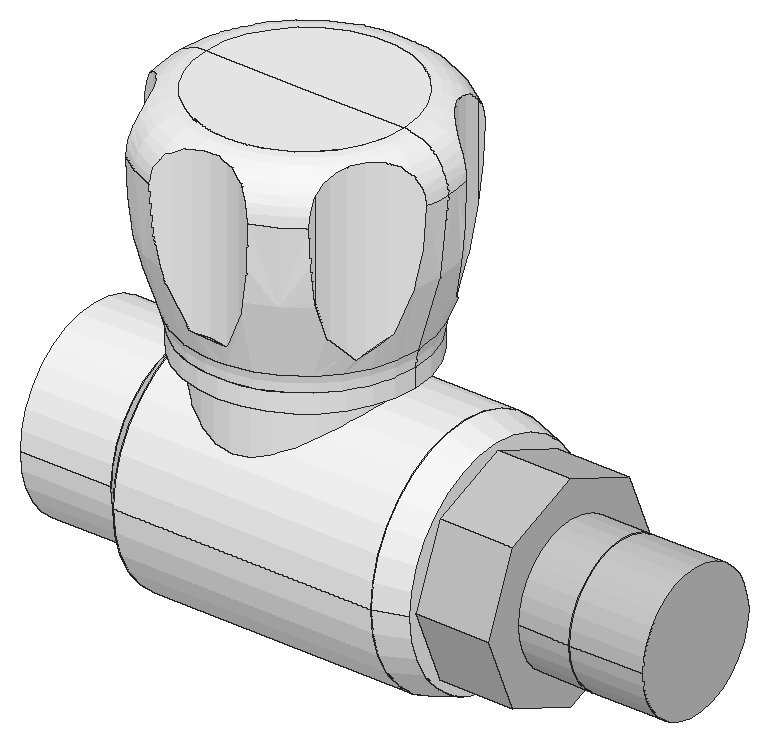
Revit family "PA_Арматура трубопроводов [кран шаровой полипропиленовый со сгоном прямой VTp.717.0]1 - VALTEC", category Арматура трубопроводов, Revit 2019
Family settings
  Размер круглого соединителя = Использовать диаметр
  Тип детали = Клапан - Вставляется
  На основе рабочей плоскости = Нет
  Всегда вертикально = Да
  При загрузке вырезать с полостями = Нет
  Общий = Нет
Parameters (values of type "VTp.717.0")
  Таблица = "PA_Арматура трубопроводов [кран шаровой полипропиленовый со сгоном прямой VTp.717.0] - VALTEC"  # constant formula
  Пользовательский [instance] = no
  Manufacturer = ""
  d_2 [instance] = size_lookup(Таблица, "d_2", 0 mm, d_1)  # 15 mm
  d5 [instance] = size_lookup(Таблица, "d5", 0 mm, d_1, d_2)  # 29 mm
  d4 [instance] = size_lookup(Таблица, "d4", 0 mm, d_1, d_2)  # 20.7 mm
  d3 [instance] = size_lookup(Таблица, "d3", 0 mm, d_1, d_2)  # 34 mm
  d2 [instance] = size_lookup(Таблица, "d2", 0 mm, d_1, d_2)  # 37 mm
  d1 [instance] = size_lookup(Таблица, "d1", 0 mm, d_1, d_2)  # 29 mm
  d_1 [instance] = 20 mm
  b1 [instance] = 50 mm  # constant formula
  B [instance] = size_lookup(Таблица, "B", 0 mm, d_1, d_2)  # 55.98 mm
  a8 [instance] = size_lookup(Таблица, "a6", 0 mm, d_1, d_2)  # 11.5 mm
  a7 [instance] = size_lookup(Таблица, "a5", 0 mm, d_1, d_2)  # 8 mm
  a6 [instance] = size_lookup(Таблица, "a4", 0 mm, d_1, d_2)  # 11.5 mm
  a5 [instance] = size_lookup(Таблица, "a3", 0 mm, d_1, d_2)  # 5 mm
  a2 [instance] = size_lookup(Таблица, "a2", 0 mm, d_1, d_2)  # 3.48 mm
  a1 [instance] = size_lookup(Таблица, "a1", 0 mm, d_1, d_2)  # 14.17 mm
  URL = "https://valtec.ru/"
  S [instance] = size_lookup(Таблица, "S", 0 mm, d_1, d_2)  # 29.5 mm
  C [instance] = size_lookup(Таблица, "C", 0 mm, d_1, d_2)  # 33 mm
  ADSK_Расход жидкости [instance] = 0.0 L/s
  ADSK_Примечание [instance] = ""
  ADSK_Потеря давления жидкости [instance] = 0.0 Pa
  ADSK_Позиция [instance] = ""
  ADSK_Обозначение [instance] = "VTp.717.0"  # constant formula
  ADSK_Наименование [instance] = size_lookup(Таблица, "", "Данный типоразмер отсутствует", d_1, d_2)  # "Кран шаровой полипропиленовый со сгоном прямой, Ду15"
  Материал доп.1 = Белый - VALTEC
  ADSK_Материал = Сталь, нержавеющая - VALTEC
  ADSK_Масса [instance] = size_lookup(Таблица, "Масса", 0, d_1, d_2)  # 0.21
  ADSK_Марка [instance] = size_lookup(Таблица, "Маркировка", "Данный типоразмер отсутствует", d_1, d_2)  # "VTp.717.0"
  ADSK_Код изделия [instance] = size_lookup(Таблица, "Код продукта", "Данный типоразмер отсутствует", d_1, d_2)  # "VTp.717.0.02004"
  ADSK_Завод-изготовитель [instance] = "VALTEC"  # constant formula
  ADSK_Единица измерения [instance] = "шт."  # constant formula
  ADSK_URL страницы изделия = "https://valtec.ru/catalog/sistemy_polipropilenovyh_truboprovodov/armatura_dlya_polipropilenovyh_truboprovodov/kran_sharovoj_polipropilenovyj_pryamoj_vtp7170.html"
  ADSK_URL документации изделия = "https://valtec.ru/document/technical/VTp.717-VTp.718-7-566.pdf"
  A [instance] = size_lookup(Таблица, "A", 0 mm, d_1, d_2)  # 61 mm
Reference planes
  plane 1 "По центру (Вперед/Назад)": y = 0
  plane 2: z = 0
  plane 3 "По центру (Влево/Вправо)": x = 0
  plane 4: x = 25
  plane 5: x = -15.35
  plane 6: x = -18.83
  plane 7: x = -33
  plane 8: x = 30
  plane 9: x = 41.5
  plane 10: x = 61
  plane 11: x = 49.5
  plane 12: z = 55.98
  plane 13: z = 50.98
  plane 14: y = 25
  plane 15: y = -25
  plane 16: z = 25
  plane 17: z = -25
Forms (mm)
  Extrusion 1, solid, material "Белый - VALTEC" <- "Материал доп.1", detail levels medium+fine
    sketch origin (0, 0, 0) x (0, 1, 0) y (0, 0, 1)
      loop
        circle (0, 0) r 14.5
    from -33 to -18.83
  Blend 2, solid, material "Белый - VALTEC" <- "Материал доп.1", detail levels medium+fine
    base sketch origin (0, 0, 0) x (0, 1, 0) y (0, 0, 1)
      loop
        circle (0, 0) r 14.5
    top sketch origin (0, 0, 0) x (0, 1, 0) y (0, 0, 1)
      loop
        circle (0, 0) r 18.5
    from -18.83 to -15.35
  Extrusion 3, solid, material "Белый - VALTEC" <- "Материал доп.1", detail levels medium+fine
    sketch origin (0, 0, 0) x (0, 1, 0) y (0, 0, 1)
      loop
        circle (0, 0) r 18.5
    from -15.35 to 25
  Blend 4, solid, material "Белый - VALTEC" <- "Материал доп.1", detail levels medium+fine
    base sketch origin (0, 0, 0) x (0, 1, 0) y (0, 0, 1)
      loop
        circle (0, 0) r 18.5
    top sketch origin (0, 0, 0) x (0, 1, 0) y (0, 0, 1)
      loop
        circle (0, 0) r 17
    from 25 to 30
  Extrusion 5, solid, material "Сталь, нержавеющая - VALTEC" <- "ADSK_Материал", detail levels medium+fine
    sketch origin (0, 0, 0) x (0, 1, 0) y (0, 0, 1)
      loop
        circle (0, 0) r 10.35
    from 41.5 to 49.5
  Extrusion 6, solid, material "Сталь, нержавеющая - VALTEC" <- "ADSK_Материал", detail levels medium+fine
    sketch origin (0, 0, 0) x (0, 1, 0) y (0, 0, 1)
      loop
        circle (0, 0) r 10.35
    from 49.5 to 61
  Extrusion 7, solid, material "Белый - VALTEC" <- "Материал доп.1", detail levels medium+fine
    sketch origin (0, 0, 0) x (1, 0, 0) y (0, 1, 0)
      loop
        circle (0, 0) r 14.5
    from 0 to 50.98
Lines and regions (mm)
  model lines, detail levels coarse
    curve 1: line (-33, 25, 0) -> (-33, -25, 0)
    curve 2: line (-33, -25, 0) -> (49.5, 25, 0)
    curve 3: line (49.5, 25, 0) -> (49.5, -25, 0)
    curve 4: line (49.5, -25, 0) -> (-33, 25, 0)
  symbolic lines, style "PipeAccessory", detail levels coarse
    curve 5: line (-33, 0, -25) -> (-33, 0, 25)
    curve 6: line (-33, 0, 25) -> (49.5, 0, -25)
    curve 7: line (49.5, 0, -25) -> (49.5, 0, 25)
    curve 8: line (49.5, 0, 25) -> (-33, 0, -25)
Dimensions and locks
  "a1": plane 6 to plane 7
  "a2": plane 5 to plane 6
  "a5": plane 8 to plane 4
  "a6": plane 9 to plane 8
  "a7": plane 11 to plane 9
  "a8": plane 10 to plane 11
  "B": plane 12 to plane 2
  "A": plane 10 to plane 3 "По центру (Влево/Вправо)"
  "C": plane 3 "По центру (Влево/Вправо)" to plane 7
  locked: plane 12 to plane 13 at 5
  equal spacing: plane 14, plane 1 "По центру (Вперед/Назад)", plane 15
  "b1": plane 14 to plane 15
  equal spacing: plane 16, plane 2, plane 17
  "b1": plane 16 to plane 17
  "d1": diameter of Extrusion 1 sketch curve
  "d2": diameter of Blend 2 sketch curve
  "d1": diameter of Blend 2 sketch curve
  "d2": diameter of Extrusion 3 sketch curve
  "d2": diameter of Blend 4 sketch curve
  "d3": diameter of Blend 4 sketch curve
  "d4": diameter of Extrusion 5 sketch curve
  "d4": diameter of Extrusion 6 sketch curve
  "d5": diameter of Extrusion 7 sketch curve
  aligned and locked: level to plane 2
  aligned and locked: Extrusion 1 to plane 7
  aligned and locked: plane 6 to Extrusion 1
  aligned and locked: Blend 2 to plane 6
  aligned and locked: plane 5 to Blend 2
  aligned and locked: Extrusion 3 to plane 5
  aligned and locked: plane 4 to Extrusion 3
  aligned and locked: plane 8 to Blend 4
  aligned and locked: Blend 4 to plane 4
  aligned and locked: Extrusion 5 to plane 9
  aligned and locked: plane 11 to Extrusion 5
  aligned and locked: Extrusion 6 to Extrusion 5
  aligned and locked: plane 10 to Extrusion 6
  aligned and locked: plane 3 "По центру (Влево/Вправо)" to nested 1
  aligned and locked: plane 1 "По центру (Вперед/Назад)" to nested 1
  aligned and locked: Extrusion 7 to level
  aligned and locked: nested 2 to plane 8
  aligned and locked: plane 1 "По центру (Вперед/Назад)" to nested 2
  aligned and locked: nested 2 to plane 2
  aligned and locked: plane 13 to Extrusion 7
  aligned and locked: plane 12 to nested 1
Automatic sketch dimensions
  Extrusion 1 sketch curve to level = 0 mm
  Extrusion 1 sketch curve to plane 1 "По центру (Вперед/Назад)" = 0 mm
  Blend 2 sketch curve to level = 0 mm  (x2)
  Blend 2 sketch curve to plane 1 "По центру (Вперед/Назад)" = 0 mm  (x2)
  Extrusion 3 sketch curve to level = 0 mm
  Extrusion 3 sketch curve to plane 1 "По центру (Вперед/Назад)" = 0 mm
  Blend 4 sketch curve to level = 0 mm  (x2)
  Blend 4 sketch curve to plane 1 "По центру (Вперед/Назад)" = 0 mm  (x2)
  Extrusion 5 sketch curve to level = 0 mm
  Extrusion 5 sketch curve to plane 1 "По центру (Вперед/Назад)" = 0 mm
  Extrusion 6 sketch curve to level = 0 mm
  Extrusion 6 sketch curve to plane 1 "По центру (Вперед/Назад)" = 0 mm
  plane 1 "По центру (Вперед/Назад)" to Extrusion 7 sketch curve = 0 mm
  Extrusion 7 sketch curve to plane 3 "По центру (Влево/Вправо)" = 0 mm
  curve 1 to plane 7 = 0 mm
  curve 3 to plane 11 = 0 mm
  curve 1 to plane 15 = 0 mm
  curve 3 to plane 15 = 0 mm
  curve 3 to plane 14 = 0 mm
  curve 4 to plane 14 = 0 mm
  curve 5 to plane 7 = 0 mm
  curve 8 to plane 11 = 0 mm
  curve 5 to plane 16 = 0 mm
  curve 7 to plane 17 = 0 mm
  curve 8 to plane 17 = 0 mm
  curve 8 to plane 16 = 0 mm
Nested families
  nested 1: "Ручка VALTEC" at (0, 0, 20.2), d <- "d_2", type "Ручка", detail levels medium+fine
    with d2 26.61 mm, d1 63.64 mm, d 15 mm, b4 35.78 mm, b3 28.89 mm, b2 5.53 mm, b1 2.9 mm, a4 31 mm, a3 44.78 mm, a2 35.49 mm, a1 34.44 mm
  nested 2: "Гайка - горизонталь" at (35.75, 0, 0), l <- "a6", d <- "S", type "Гайка - горизонталь", detail levels medium+fine
    with l2 9.2 mm, l 11.5 mm, d2 23.6 mm, d 29.5 mm, ADSK_Материал Сталь, нержавеющая - VALTEC
Connectors
  piping at (-33, 0, 0), diameter 20, driven by "ADSK_Расход жидкости", driven by "ADSK_Потеря давления жидкости", driven by "d_1"
    settings: on Extrusion 1, index 1, connector inside diameter 609.6 mm, connector length 0 mm, flow factor 0, pipe flow 0.0 L/s, pressure drop 0.0 Pa, fitting loss kfactor 0, connector angle 0.00°, fixture units 0, engagement length 0 mm, angle of deflection 0.00°, flow configuration 0, flow direction 0, fitting loss method 4, system type 29, joint type 0, gender type 0, connector reference index 2, connector utility 0, adjustable connector no, is connector primary yes, connector description ""
  piping at (49.5, 0, 0), diameter 15, driven by "d_2", driven by "ADSK_Расход жидкости"
    settings: on Extrusion 5, index 2, connector inside diameter 609.6 mm, connector length 0 mm, flow factor 0, pipe flow 0.0 L/s, pressure drop 0.0 Pa, fitting loss kfactor 0, connector angle 0.00°, fixture units 0, engagement length 0 mm, angle of deflection 0.00°, flow configuration 0, flow direction 0, fitting loss method 0, system type 29, joint type 0, gender type 0, connector reference index 1, connector utility 0, adjustable connector no, is connector primary no, connector description ""
Definition of nested family "Ручка VALTEC"
  Parameters (values of type "Ручка")
    материал 1 = none
    Таблица = "Ручка VALTEC"  # constant formula
    Manufacturer = "VALTEC"  # constant formula
    d1 [instance] = size_lookup("Ручка VALTEC", "d1", 0 mm, d)  # 73.9 mm
    d2 [instance] = size_lookup("Ручка VALTEC", "d2", 0 mm, d)  # 30.9 mm
    d [instance] = 20 mm
    b4 [instance] = size_lookup("Ручка VALTEC", "b4", 0 mm, d)  # 41.55 mm
    b1 [instance] = size_lookup("Ручка VALTEC", "b1", 0 mm, d)  # 3.37 mm
    b3 [instance] = size_lookup("Ручка VALTEC", "b3", 0 mm, d)  # 33.55 mm
    b2 [instance] = size_lookup("Ручка VALTEC", "b2", 0 mm, d)  # 6.43 mm
    a4 [instance] = size_lookup("Ручка VALTEC", "a4", 0 mm, d)  # 36 mm
    a3 [instance] = size_lookup("Ручка VALTEC", "a3", 0 mm, d)  # 52 mm
    a2 [instance] = size_lookup("Ручка VALTEC", "a2", 0 mm, d)  # 41.22 mm
    a1 [instance] = size_lookup("Ручка VALTEC", "a1", 0 mm, d)  # 40 mm
    URL = "https://valtec.ru/"
    ADSK_URL страницы изделия = ""
    ADSK_URL документации изделия = ""
  Reference planes
    plane 1 "По центру (Вперед/Назад)": y = 0
    plane 2: z = 0
    plane 3 "По центру (Влево/Вправо)": x = 0
    plane 4: z = 41.55
    plane 5: x = -26
    plane 6: z = 33.55
    plane 7: z = 6.43
    plane 8: z = 3.37
    plane 9: x = -20.61
    plane 10: x = -20
    plane 11: x = -18
    plane 12: through (0, 0, 1200) normal (-0.5, 0.866, 0)
    plane 13: through (0, 0, 1200) normal (-0.5, -0.866, 0)
    plane 14: through (0, 0, 1200) normal (-0.866, -0.5, 0)
    plane 15: through (0, 0, 1200) normal (-0.866, 0.5, 0)
    plane 16: x = 20
    plane 17: x = 20.61
    plane 18: x = 18
    plane 19: x = 26
  Forms (mm)
    Revolve 1, solid, material <- "материал 1"
      sketch origin (0, 0, 0) x (1, 0, 0) y (0, 0, 1)
        loop
          line (0, 41.55) -> (-18, 41.55)
          arc (-18, 41.55) -> (-23.657, 39.207) -> (-26, 33.55) r 8
          arc (-26, 33.55) -> (-24.639, 19.725) -> (-20.61, 6.43) r 70.923
          arc (-20.61, 6.43) -> (-20.154, 4.93) -> (-20, 3.37) r 7.98
          line (-20, 3.37) -> (-20, 0) -> (0, 0) -> (0, 41.55)
        axis (0, 41.55) -> (0, 0)
      angle from 0 to 360
    Extrusion 2, void
      sketch origin (0, 0, 0) x (1, 0, 0) y (0, 1, 0)
        loop
          circle (0, 36.95) r 15.45
        loop
          circle (32, 18.475) r 15.45
        loop
          circle (32, -18.475) r 15.45
        loop
          circle (0, -36.95) r 15.45
        loop
          circle (-32, -18.475) r 15.45
        loop
          circle (-32, 18.475) r 15.45
      from 0 to 41.55 <- "b4"
  Cuts and joins
    Extrusion 2 cuts Revolve 1
  Dimensions and locks
    "b4": plane 4 to plane 2
    "b3": plane 6 to plane 2
    "b2": plane 7 to plane 2
    "b1": plane 8 to plane 2
    equal spacing: Extrusion 2 sketch curve, plane 1 "По центру (Вперед/Назад)", Extrusion 2 sketch curve
    equal spacing: Extrusion 2 sketch curve, plane 14, Extrusion 2 sketch curve
    equal spacing: Extrusion 2 sketch curve, plane 15, Extrusion 2 sketch curve
    "d1": Extrusion 2 sketch curve to Extrusion 2 sketch curve  (x3)
    equal spacing: plane 16, plane 3 "По центру (Влево/Вправо)", plane 10
    equal spacing: plane 17, plane 3 "По центру (Влево/Вправо)", plane 9
    equal spacing: plane 19, plane 3 "По центру (Влево/Вправо)", plane 5
    equal spacing: plane 18, plane 3 "По центру (Влево/Вправо)", plane 11
    "a1": plane 16 to plane 10
    "a2": plane 17 to plane 9
    "a4": plane 18 to plane 11
    "a3": plane 19 to plane 5
    "d2": diameter of Extrusion 2 sketch curve  (x6)
    aligned and locked: level to plane 2
    aligned and locked: plane 13 to Extrusion 2 sketch curve  (x2)
    aligned and locked: plane 3 "По центру (Влево/Вправо)" to Extrusion 2 sketch curve  (x2)
    aligned and locked: plane 12 to Extrusion 2 sketch curve  (x2)
  Automatic sketch dimensions
    Revolve 1 sketch curve to plane 8 = 0 mm
    Revolve 1 sketch curve to plane 5 = 0 mm  (x2)
    Revolve 1 sketch curve to plane 7 = 0 mm
    Revolve 1 sketch curve to plane 9 = 0 mm
    Revolve 1 sketch curve to level = 0 mm
    Revolve 1 sketch curve to plane 10 = 0 mm
    Revolve 1 sketch curve to plane 4 = 0 mm
    Revolve 1 sketch curve to plane 11 = 0 mm
    Revolve 1 sketch curve to plane 3 "По центру (Влево/Вправо)" = 0 mm  (x2)
    Revolve 1 sketch curve to level = 366.045 mm
    Revolve 1 sketch curve to Revolve 1 sketch curve = 2178.515 mm
Definition of nested family "Гайка - горизонталь"
  Parameters (values of type "Гайка - горизонталь")
    l2 [instance] = l * 80 / 100  # 509.92 mm
    d2 [instance] = d * 80 / 100  # 471.105 mm
    d [instance] = 588.881 mm
    l [instance] = 637.4 mm
    ADSK_Материал [instance] = none
  Reference planes
    plane 1 "По центру (Вперед/Назад)": y = 0
    plane 2: z = 0
    plane 3 "По центру (Влево/Вправо)": x = 0
    plane 4: y = 294.44
    plane 5: y = -294.44
    plane 6: through (0, -912.519, 2972.425) normal (0, -0.9239, -0.3827)
    plane 7: through (0, -1234.338, 2979.956) normal (0, -0.9239, -0.3827)
    plane 8: through (0, -1556.157, 2987.486) normal (0, -0.9239, -0.3827)
    plane 9: through (0, 1234.338, 2979.956) normal (0, -0.9239, 0.3827)
    plane 10: through (0, -2420.114, 1321.144) normal (0, -0.3827, -0.9239)
    plane 11: through (0, -2532.792, 1049.117) normal (0, -0.3827, -0.9239)
    plane 12: through (0, -2645.469, 777.089) normal (0, -0.3827, -0.9239)
    plane 13: through (0, 2420.114, 1321.144) normal (0, -0.3827, 0.9239)
    plane 14: through (0, 2532.792, 1049.117) normal (0, -0.3827, 0.9239)
    plane 15: through (0, 2645.469, 777.089) normal (0, -0.3827, 0.9239)
    plane 16: through (0, 912.519, 2972.425) normal (0, -0.9239, 0.3827)
    plane 17: through (0, 1234.338, 2979.956) normal (0, -0.9239, 0.3827)
    plane 18: through (0, 1556.157, 2987.486) normal (0, -0.9239, 0.3827)
    plane 19: x = 318.7
    plane 20: x = -318.7
  Forms (mm)
    Extrusion 1, solid, material <- "ADSK_Материал"
      sketch origin (0, 0, 0) x (0, 1, 0) y (0, 0, 1)
        loop
          line (0, 318.7) -> (-225.355, 225.355) -> (-318.7, 0) -> (-225.355, -225.355) -> (0, -318.7) -> (225.355, -225.355) -> (318.7, 0) -> (225.355, 225.355) -> (0, 318.7)
      from -318.7 to 318.7
  Lines and regions (mm)
    reference lines
      curve 1: line (0, -112.677, -272.027) -> (0, 112.677, 272.027)
      curve 2: line (0, -272.027, 112.677) -> (0, 272.027, -112.677)
      curve 3: line (-254.96, 0, 0) -> (254.96, 0, 0)
      curve 4: line (-318.7, 235.552, 0) -> (-318.7, -235.552, 0)
  Dimensions and locks
    equal spacing: plane 4, plane 1 "По центру (Вперед/Назад)", plane 5
    "d": plane 4 to plane 5
    equal spacing: plane 8, plane 7, plane 6
    "d": plane 8 to plane 6
    equal spacing: plane 12, plane 11, plane 10
    "d": plane 12 to plane 10
    equal spacing: plane 15, plane 14, plane 13
    "d": plane 15 to plane 13
    equal spacing: plane 18, plane 17, plane 16
    "d": plane 18 to plane 16
    equal spacing: plane 20, plane 3 "По центру (Влево/Вправо)", plane 19
    "l": plane 20 to plane 19
    equal spacing: curve 3, plane 3 "По центру (Влево/Вправо)", curve 3
    "l2": curve 3 to curve 3
    equal spacing: curve 4, plane 1 "По центру (Вперед/Назад)", curve 4
    "d2": curve 4 to curve 4
    aligned and locked: level to plane 2
    aligned and locked: plane 10 to Extrusion 1 sketch curve
    aligned and locked: plane 13 to Extrusion 1 sketch curve
    aligned and locked: plane 16 to Extrusion 1 sketch curve
    aligned and locked: Extrusion 1 sketch curve to plane 8
    aligned and locked: Extrusion 1 sketch curve to plane 12
    aligned and locked: Extrusion 1 sketch curve to plane 15
    aligned and locked: Extrusion 1 sketch curve to plane 18
    aligned and locked: plane 6 to Extrusion 1 sketch curve
    aligned and locked: plane 19 to Extrusion 1
    aligned and locked: plane 20 to Extrusion 1
    aligned and locked: Extrusion 1 to plane 19
    aligned and locked: plane 16 to curve 2
    aligned and locked: plane 18 to curve 2
    aligned and locked: curve 2 to plane 11
    aligned and locked: plane 12 to curve 1
    aligned and locked: plane 10 to curve 1
    aligned and locked: curve 1 to plane 17
    aligned and locked: plane 1 "По центру (Вперед/Назад)" to curve 3
    aligned and locked: plane 20 to curve 4
